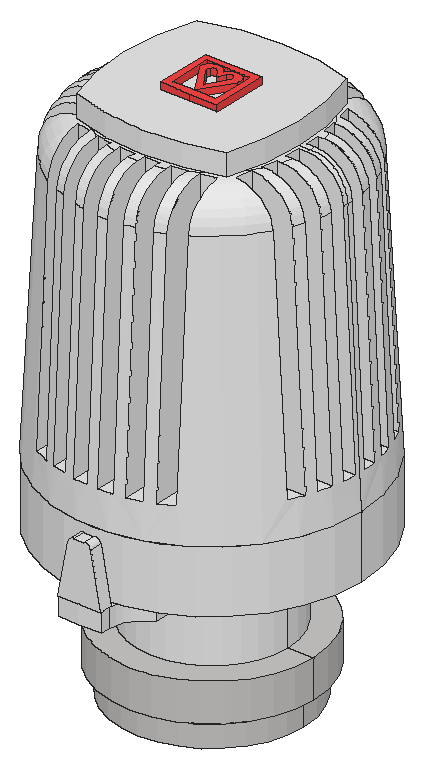
Revit family "Термостатическая головка HERZ, с присоединительной резьбой М 28х1.5, 7260", category Rohrzubehör, Revit 2018
Family settings
  Bemaßung runder Anschluss = Durchmesser verwenden
  Teiletyp = Normal
  OmniClass-Nummer = 23.65.55.14
  OmniClass-Titel = Valves for Liquid Services
  Arbeitsebenenbasiert = Nein
  Immer vertikal = Nein
  Beim Laden mit Abzugskörper schneiden = Nein
  Gemeinsam genutzt = Nein
Parameters
  Принцип действия = "HERZ-термостатическая головка является датчиком прямого регулирования.\r\nИзменение объема жидкости в HERZ-гидросенсоре приводит в движение шток клапана."
  Область применения = "Для монтажа на всех HERZ-клапанах, предназначенных для термостатической работы."
  Номер заказа = 1726006  # constant formula
  Маховик = "Пластик, белый"  # constant formula
  Исполнение = "Термостатическая головка с жидкостным датчиком (гидросенсором) с позициями теплового запираниия \"0\" и морозозащиты, с ограничением и блокировкой диапазона регулирования. Цвет маховика - белый."
  Диапазон регулирования = "6 - 28°C"  # constant formula
  Автоматическая защита от замерзания = "при прибл. 6 °C"  # constant formula
  W02 = 120.00°  # constant formula
  W01 = 135.00°  # constant formula
  URL = "www.herz-armaturen.ru"
  S02 = 60.000 mm  # constant formula
  S01 = H02 + H07  # 79.500 mm
  R08 = 15.000 mm  # constant formula
  R07 = 6.000 mm  # constant formula
  R06 = 24.000 mm  # constant formula
  R05 = 16.350 mm  # constant formula
  R04 = 14.750 mm  # constant formula
  R03 = 13.200 mm  # constant formula
  R02 = 12.200 mm  # constant formula
  R01 = 22.400 mm  # constant formula
  Hersteller = "HERZ Armaturen Ges.m.b.H."  # constant formula
  H09 = 3.500 mm  # constant formula
  H08 = 10.000 mm  # constant formula
  H07 = 59.000 mm  # constant formula
  H06 = 3.500 mm  # constant formula
  H05 = 10.500 mm  # constant formula
  H04 = 11.700 mm  # constant formula
  H03 = 4.500 mm  # constant formula
  H02 = 20.500 mm  # constant formula
  H01 = 45.800 mm  # constant formula
Reference planes
  plane 1 "Mitte (Vorne/hinten)": y = 0
  plane 2: z = 0
  plane 3 "Mitte (Links/rechts)": x = 0
Forms (mm)
  Revolve 1, solid, material "Messing verzinkt", detail levels fine
    sketch origin (0, 0, 0) x (1, 0, 0) y (0, 0, 1)
      loop
        line (0, 4.5) -> (13.2, 4.5) -> (13.2, -3.563) -> (14.75, -3.563) -> (14.75, -0.063) -> (16.35, 0.861) -> (16.35, 6.937) -> (0, 6.937) -> (0, 4.5)
      axis (0, 6.937) -> (0, -3.563)
    angle from 0 to 360
  Revolve 2, solid, material "Kunststoff weiß", detail levels fine
    sketch origin (0, 0, 0) x (1, 0, 0) y (0, 0, 1)
      loop
        line (0, 20.5) -> (24, 20.5) -> (24, 30.5) -> (21.791, 73.806)
        arc (21.791, 73.806) -> (19.931, 77.849) -> (15.798, 79.5) r 6
        line (15.798, 79.5) -> (0, 79.5) -> (0, 20.5)
      axis (0, 79.5) -> (0, 20.5)
    angle from 0 to 360
  Extrusion 3, void
    sketch origin (0, 0, 0) x (1, 0, 0) y (0, 1, 0)
      loop
        line (24.458, 0.8) -> (24.458, 3.2) -> (14.361, 3.2)
        arc (14.361, 3.2) -> (14.446, 2.001) -> (14.491, 0.8) r 37
        line (14.491, 0.8) -> (24.458, 0.8)
      loop
        line (24.458, 4.8) -> (24.458, 7.2) -> (13.793, 7.2)
        arc (13.793, 7.2) -> (14.01, 6.003) -> (14.187, 4.8) r 37
        line (14.187, 4.8) -> (24.458, 4.8)
      loop
        line (24.458, 8.8) -> (24.458, 11.2) -> (12.764, 11.2)
        arc (12.764, 11.2) -> (13.121, 10.006) -> (13.438, 8.8) r 37
        line (13.438, 8.8) -> (24.458, 8.8)
      loop
        line (24.458, -0.8) -> (14.491, -0.8)
        arc (14.491, -0.8) -> (14.446, -2.001) -> (14.361, -3.2) r 37
        line (14.361, -3.2) -> (24.458, -3.2) -> (24.458, -0.8)
      loop
        line (24.458, -4.8) -> (14.187, -4.8)
        arc (14.187, -4.8) -> (14.01, -6.003) -> (13.793, -7.2) r 37
        line (13.793, -7.2) -> (24.458, -7.2) -> (24.458, -4.8)
      loop
        line (24.458, -8.8) -> (13.438, -8.8)
        arc (13.438, -8.8) -> (13.121, -10.006) -> (12.764, -11.2) r 37
        line (12.764, -11.2) -> (24.458, -11.2) -> (24.458, -8.8)
      loop
        line (-24.458, 0.8) -> (-14.491, 0.8)
        arc (-14.491, 0.8) -> (-14.446, 2.001) -> (-14.361, 3.2) r 37
        line (-14.361, 3.2) -> (-24.458, 3.2) -> (-24.458, 0.8)
      loop
        line (-24.458, 4.8) -> (-14.187, 4.8)
        arc (-14.187, 4.8) -> (-14.01, 6.003) -> (-13.793, 7.2) r 37
        line (-13.793, 7.2) -> (-24.458, 7.2) -> (-24.458, 4.8)
      loop
        line (-24.458, 8.8) -> (-13.438, 8.8)
        arc (-13.438, 8.8) -> (-13.121, 10.006) -> (-12.764, 11.2) r 37
        line (-12.764, 11.2) -> (-24.458, 11.2) -> (-24.458, 8.8)
      loop
        line (-24.458, -0.8) -> (-24.458, -3.2) -> (-14.361, -3.2)
        arc (-14.361, -3.2) -> (-14.446, -2.001) -> (-14.491, -0.8) r 37
        line (-14.491, -0.8) -> (-24.458, -0.8)
      loop
        line (-24.458, -4.8) -> (-24.458, -7.2) -> (-13.793, -7.2)
        arc (-13.793, -7.2) -> (-14.01, -6.003) -> (-14.187, -4.8) r 37
        line (-14.187, -4.8) -> (-24.458, -4.8)
      loop
        line (-24.458, -8.8) -> (-24.458, -11.2) -> (-12.764, -11.2)
        arc (-12.764, -11.2) -> (-13.121, -10.006) -> (-13.438, -8.8) r 37
        line (-13.438, -8.8) -> (-24.458, -8.8)
      loop
        line (0.8, 24.458) -> (0.8, 14.491)
        arc (0.8, 14.491) -> (2.001, 14.446) -> (3.2, 14.361) r 37
        line (3.2, 14.361) -> (3.2, 24.458) -> (0.8, 24.458)
      loop
        line (4.8, 24.458) -> (4.8, 14.187)
        arc (4.8, 14.187) -> (6.003, 14.01) -> (7.2, 13.793) r 37
        line (7.2, 13.793) -> (7.2, 24.458) -> (4.8, 24.458)
      loop
        line (8.8, 24.458) -> (8.8, 13.438)
        arc (8.8, 13.438) -> (10.006, 13.121) -> (11.2, 12.764) r 37
        line (11.2, 12.764) -> (11.2, 24.458) -> (8.8, 24.458)
      loop
        line (-0.8, 24.458) -> (-3.2, 24.458) -> (-3.2, 14.361)
        arc (-3.2, 14.361) -> (-2.001, 14.446) -> (-0.8, 14.491) r 37
        line (-0.8, 14.491) -> (-0.8, 24.458)
      loop
        line (-4.8, 24.458) -> (-7.2, 24.458) -> (-7.2, 13.793)
        arc (-7.2, 13.793) -> (-6.003, 14.01) -> (-4.8, 14.187) r 37
        line (-4.8, 14.187) -> (-4.8, 24.458)
      loop
        line (-8.8, 24.458) -> (-11.2, 24.458) -> (-11.2, 12.764)
        arc (-11.2, 12.764) -> (-10.006, 13.121) -> (-8.8, 13.438) r 37
        line (-8.8, 13.438) -> (-8.8, 24.458)
      loop
        line (0.8, -24.458) -> (3.2, -24.458) -> (3.2, -14.361)
        arc (3.2, -14.361) -> (2.001, -14.446) -> (0.8, -14.491) r 37
        line (0.8, -14.491) -> (0.8, -24.458)
      loop
        line (4.8, -24.458) -> (7.2, -24.458) -> (7.2, -13.793)
        arc (7.2, -13.793) -> (6.003, -14.01) -> (4.8, -14.187) r 37
        line (4.8, -14.187) -> (4.8, -24.458)
      loop
        line (8.8, -24.458) -> (11.2, -24.458) -> (11.2, -12.764)
        arc (11.2, -12.764) -> (10.006, -13.121) -> (8.8, -13.438) r 37
        line (8.8, -13.438) -> (8.8, -24.458)
      loop
        line (-0.8, -24.458) -> (-0.8, -14.491)
        arc (-0.8, -14.491) -> (-2.001, -14.446) -> (-3.2, -14.361) r 37
        line (-3.2, -14.361) -> (-3.2, -24.458) -> (-0.8, -24.458)
      loop
        line (-4.8, -24.458) -> (-4.8, -14.187)
        arc (-4.8, -14.187) -> (-6.003, -14.01) -> (-7.2, -13.793) r 37
        line (-7.2, -13.793) -> (-7.2, -24.458) -> (-4.8, -24.458)
      loop
        line (-8.8, -24.458) -> (-8.8, -13.438)
        arc (-8.8, -13.438) -> (-10.006, -13.121) -> (-11.2, -12.764) r 37
        line (-11.2, -12.764) -> (-11.2, -24.458) -> (-8.8, -24.458)
    from 36 to 81.5
  Extrusion 4, solid, material "Kunststoff weiß", detail levels fine
    sketch origin (0, 0, 0) x (1, 0, 0) y (0, 1, 0)
      loop
        arc (12, 12) -> (0, 14) -> (-12, 12) r 37
        arc (-12, 12) -> (-14, 0) -> (-12, -12) r 37
        arc (-12, -12) -> (0, -14) -> (12, -12) r 37
        arc (12, -12) -> (14, 0) -> (12, 12) r 37
    from 79.5 to 83
  Extrusion 5, solid, material "Kunststoff weiß", detail levels fine
    sketch origin (0.017, -0.017, 0) x (0, -1, 0) y (1, 0, 0)
      loop
        line (14.714, 6.983) -> (14.714, -7.017) -> (19.645, -7.017)
        arc (19.645, -7.017) -> (21.761, -4.508) -> (24.882, -3.488) r 6
        line (24.882, -3.488) -> (26.272, -3.488)
        arc (26.272, -3.488) -> (26.5, 0) -> (26.267, 3.488) r 26.5
        line (26.267, 3.488) -> (24.882, 3.488)
        arc (24.882, 3.488) -> (21.777, 4.497) -> (19.66, 6.983) r 6
        line (19.66, 6.983) -> (14.714, 6.983)
    from 17.5 to 20.5
  Extrusion 6, solid, material "Kunststoff weiß", detail levels fine
    sketch origin (0.017, -0.017, 3.5) x (1, 0, 0) y (0, 0, 1)
      loop
        arc (-0.8, 26.1) -> (-1.432, 25.875) -> (-1.779, 25.302) r 1
        line (-1.779, 25.302) -> (-3.488, 17) -> (3.488, 17) -> (1.779, 25.302)
        arc (1.779, 25.302) -> (1.432, 25.875) -> (0.8, 26.1) r 1
        line (0.8, 26.1) -> (-0.8, 26.1)
    from 26.5 to 24.5
  Revolve 7, solid, material "Kunststoff weiß", detail levels fine
    sketch origin (90.543, 0, 0) x (1, 0, 0) y (0, 0, 1)
      loop
        line (-90.543, 0) -> (-77.343, 0) -> (-77.343, 4.5) -> (-78.343, 4.5) -> (-78.343, 20.5) -> (-68.143, 20.5) -> (-68.143, 34.1) -> (-75.543, 34.1) -> (-75.543, 45.8) -> (-90.543, 45.8) -> (-90.543, 0)
      axis (-90.543, 45.8) -> (-90.543, 0)
    angle from 0 to 360
Cuts and joins
  Extrusion 3 cuts Revolve 2
Lines and regions (mm)
  model lines, detail levels coarse+medium
    curve 1: line (0, 0, 0) -> (0, 0, 19.5)
    curve 2: line (0, -0.017, 0) -> (0, 19.5, 0)
    curve 3: circle (0, 0, 49.5) r 30 normal (0, -1, 0)
    curve 4: circle (0, 0, 49.5) r 30 normal (1, 0, 0)
    curve 5: line (0, 0, 29.5) -> (0, 0, 69.5)
    curve 6: line (0, -17.5, 69.5) -> (0, 17.5, 69.5)
    curve 7: line (0, 0, 29.5) -> (0, 0, 69.5)
    curve 8: line (-17.5, 0, 69.5) -> (17.5, 0, 69.5)
    curve 9: circle (0, 49.5, 0) r 30 normal (0, 0, 1)
    curve 10: line (0, 29.5, 0) -> (0, 69.5, 0)
    curve 11: line (-17.5, 69.5, 0) -> (17.5, 69.5, 0)
Dimensions and locks
  "H05": Revolve 1 sketch curve to Revolve 1 sketch curve
  "H06": Revolve 1 sketch curve to Revolve 1 sketch curve
  "H03": Revolve 1 sketch curve to plane 2
  "R04": Revolve 1 sketch curve to plane 3 "Mitte (Links/rechts)"
  "R03": plane 3 "Mitte (Links/rechts)" to Revolve 1 sketch curve
  "R05": Revolve 1 sketch curve to plane 3 "Mitte (Links/rechts)"
  "H08": Revolve 2 sketch curve to Revolve 2 sketch curve
  "R06": Revolve 2 sketch curve to Revolve 2 sketch curve
  "H02": Revolve 2 sketch curve to plane 2
  "H02": Revolve 7 sketch curve to plane 2
  "H03": Revolve 7 sketch curve to Revolve 7 sketch curve
  "H01": Revolve 7 sketch curve to plane 2
  "H04": Revolve 7 sketch curve to Revolve 7 sketch curve
  "R03": Revolve 7 sketch curve to plane 3 "Mitte (Links/rechts)"
  "R02": plane 3 "Mitte (Links/rechts)" to Revolve 7 sketch curve
  "R01": plane 3 "Mitte (Links/rechts)" to Revolve 7 sketch curve
  "R08": plane 3 "Mitte (Links/rechts)" to Revolve 7 sketch curve
  "H07": Revolve 2 sketch curve to Revolve 2 sketch curve
  "S01": curve 4 to plane 2
  "S01": curve 3 to plane 2
  "S01": plane 1 "Mitte (Vorne/hinten)" to curve 9
  "R07": radius of Revolve 2 sketch curve
  "S02": diameter of curve 3
  "S02": diameter of curve 4
  "S02": diameter of curve 9
  "W02": angle Revolve 1 sketch curve to Revolve 1 sketch curve
  aligned and locked: level to plane 2
Automatic sketch dimensions
  plane 1 "Mitte (Vorne/hinten)" to Extrusion 4 sketch curve = 0.000 mm  (x2)
  Extrusion 4 sketch curve to plane 3 "Mitte (Links/rechts)" = 0.000 mm  (x2)
  Extrusion 4 sketch curve to plane 3 "Mitte (Links/rechts)" = 23.000 mm
  plane 3 "Mitte (Links/rechts)" to Extrusion 4 sketch curve = 23.000 mm
  plane 1 "Mitte (Vorne/hinten)" to Extrusion 4 sketch curve = 23.000 mm
  Extrusion 4 sketch curve to plane 1 "Mitte (Vorne/hinten)" = 23.000 mm
  Extrusion 4 sketch curve to plane 3 "Mitte (Links/rechts)" = 12.000 mm  (x2)
  plane 3 "Mitte (Links/rechts)" to Extrusion 4 sketch curve = 12.000 mm
  plane 1 "Mitte (Vorne/hinten)" to Extrusion 4 sketch curve = 12.000 mm
  Extrusion 3 sketch curve to Extrusion 3 sketch curve = 0.000 mm  (x58)
  plane 1 "Mitte (Vorne/hinten)" to Extrusion 3 sketch curve = 0.000 mm  (x2)
  Extrusion 3 sketch curve to plane 3 "Mitte (Links/rechts)" = 0.000 mm  (x2)
  Extrusion 3 sketch curve to plane 3 "Mitte (Links/rechts)" = 0.800 mm  (x2)
  Extrusion 3 sketch curve to Extrusion 3 sketch curve = 2.400 mm  (x12)
  Extrusion 3 sketch curve to Extrusion 3 sketch curve = 1.600 mm  (x16)
  Extrusion 3 sketch curve to Extrusion 3 sketch curve = 1.564 mm  (x8)
  Extrusion 3 sketch curve to Extrusion 3 sketch curve = 0.674 mm  (x5)
  Extrusion 3 sketch curve to Extrusion 3 sketch curve = 0.354 mm  (x8)
  Extrusion 3 sketch curve to Extrusion 3 sketch curve = 0.395 mm  (x4)
  Extrusion 3 sketch curve to Extrusion 3 sketch curve = 0.174 mm  (x8)
  plane 1 "Mitte (Vorne/hinten)" to Extrusion 3 sketch curve = 0.800 mm  (x2)
  Extrusion 3 sketch curve to Extrusion 3 sketch curve = 0.130 mm  (x2)
  Extrusion 3 sketch curve to plane 1 "Mitte (Vorne/hinten)" = 0.800 mm  (x2)
  Extrusion 3 sketch curve to Extrusion 3 sketch curve = 8.009 mm  (x3)
  Extrusion 3 sketch curve to Extrusion 3 sketch curve = 1.958 mm  (x7)
  plane 3 "Mitte (Links/rechts)" to Extrusion 3 sketch curve = 0.800 mm  (x2)
  Extrusion 3 sketch curve to Extrusion 3 sketch curve = 11.019 mm
  Extrusion 5 sketch curve to plane 3 "Mitte (Links/rechts)" = 0.000 mm
  plane 1 "Mitte (Vorne/hinten)" to Extrusion 5 sketch curve = 0.017 mm
  Extrusion 5 sketch curve to plane 3 "Mitte (Links/rechts)" = 7.000 mm
  plane 1 "Mitte (Vorne/hinten)" to Extrusion 5 sketch curve = 14.731 mm
  Extrusion 5 sketch curve to Extrusion 5 sketch curve = 4.930 mm
  Extrusion 5 sketch curve to Extrusion 5 sketch curve = 4.946 mm
  Extrusion 5 sketch curve to plane 3 "Mitte (Links/rechts)" = 3.471 mm
  Extrusion 5 sketch curve to Extrusion 5 sketch curve = 5.237 mm
  Extrusion 5 sketch curve to Extrusion 5 sketch curve = 5.222 mm
  Extrusion 5 sketch curve to Extrusion 5 sketch curve = 5.470 mm
  Extrusion 5 sketch curve to Extrusion 5 sketch curve = 0.233 mm
  Extrusion 5 sketch curve to Extrusion 5 sketch curve = 1.390 mm
  plane 3 "Mitte (Links/rechts)" to Extrusion 5 sketch curve = 3.505 mm
  Extrusion 5 sketch curve to Extrusion 5 sketch curve = 3.495 mm
  Extrusion 5 sketch curve to Extrusion 5 sketch curve = 0.000 mm
  Extrusion 6 sketch curve to plane 3 "Mitte (Links/rechts)" = 3.471 mm
  Extrusion 6 sketch curve to plane 3 "Mitte (Links/rechts)" = 1.763 mm
  Extrusion 6 sketch curve to plane 3 "Mitte (Links/rechts)" = 0.783 mm
  plane 3 "Mitte (Links/rechts)" to Extrusion 6 sketch curve = 0.817 mm
  Extrusion 6 sketch curve to Extrusion 6 sketch curve = 0.979 mm
  plane 3 "Mitte (Links/rechts)" to Extrusion 6 sketch curve = 3.505 mm
  level to Extrusion 6 sketch curve = 20.500 mm
  Extrusion 6 sketch curve to Extrusion 6 sketch curve = 8.100 mm
  Extrusion 6 sketch curve to Extrusion 6 sketch curve = 0.000 mm
  Extrusion 6 sketch curve to Extrusion 6 sketch curve = 0.202 mm
  curve 5 to plane 1 "Mitte (Vorne/hinten)" = 0.000 mm
  curve 4 to plane 1 "Mitte (Vorne/hinten)" = 0.000 mm
  plane 1 "Mitte (Vorne/hinten)" to curve 6 = 17.500 mm
  curve 5 to curve 6 = 17.500 mm
  curve 5 to curve 4 = 20.000 mm
  curve 4 to curve 6 = 20.000 mm
  curve 3 to plane 3 "Mitte (Links/rechts)" = 0.000 mm
  curve 7 to plane 3 "Mitte (Links/rechts)" = 0.000 mm
  curve 1 to plane 3 "Mitte (Links/rechts)" = 0.000 mm
  curve 1 to level = 0.000 mm
  curve 8 to curve 7 = 17.500 mm
  plane 3 "Mitte (Links/rechts)" to curve 8 = 17.500 mm
  curve 1 to curve 7 = 10.000 mm
  curve 3 to curve 8 = 20.000 mm
  curve 9 to plane 3 "Mitte (Links/rechts)" = 0.000 mm
  curve 10 to plane 3 "Mitte (Links/rechts)" = 0.000 mm
  curve 2 to plane 3 "Mitte (Links/rechts)" = 0.000 mm
  curve 11 to curve 10 = 17.500 mm
  plane 3 "Mitte (Links/rechts)" to curve 11 = 17.500 mm
  plane 1 "Mitte (Vorne/hinten)" to curve 2 = 0.017 mm
  curve 2 to curve 10 = 10.000 mm
  curve 9 to curve 11 = 20.000 mm
  Revolve 1 sketch curve to plane 3 "Mitte (Links/rechts)" = 0.000 mm  (x2)
  level to Revolve 1 sketch curve = 0.861 mm
  Revolve 1 sketch curve to Revolve 1 sketch curve = 362.982 mm
  Revolve 1 sketch curve to Revolve 1 sketch curve = 2206.878 mm
  Revolve 2 sketch curve to plane 3 "Mitte (Links/rechts)" = 0.000 mm  (x2)
  plane 3 "Mitte (Links/rechts)" to Revolve 2 sketch curve = 15.798 mm
  Revolve 2 sketch curve to Revolve 2 sketch curve = 5.992 mm
  Revolve 2 sketch curve to level = 366.045 mm
  Revolve 2 sketch curve to Revolve 2 sketch curve = 2138.315 mm
  Revolve 7 sketch curve to level = 0.000 mm  (x2)
  Revolve 7 sketch curve to plane 3 "Mitte (Links/rechts)" = 0.000 mm  (x2)
  Revolve 7 sketch curve to Revolve 7 sketch curve = 0.000 mm
Nested families
  nested 1: "Herz-Logo" at (0, 0, 82.5), type "Herz-Logo", detail levels fine
Definition of nested family "Herz-Logo"
  Reference planes
    plane 1 "Mitte (Vorne/hinten)": y = 0
    plane 2: z = 0
    plane 3 "Mitte (Links/rechts)": x = 0
  Forms (mm)
    Extrusion 1, solid
      sketch origin (0, 0, 0) x (1, 0, 0) y (0, 1, 0)
        loop
          line (-0.018, -4.517) -> (4.482, -4.517) -> (4.482, 4.483) -> (-4.518, 4.483) -> (-4.518, -4.517) -> (-0.018, -4.517)
        loop
          line (-0.05, -3.48) -> (3.482, -3.48) -> (3.482, 3.483) -> (-3.518, 3.483) -> (-3.518, -3.48) -> (-0.05, -3.48)
        loop
          arc (-0.018, 2.383) -> (-1.543, 3.287) -> (-3.067, 2.383) r 1.738
          arc (-3.067, 2.383) -> (-3.191, 1.899) -> (-3.067, 1.415) r 1.009
          line (-3.067, 1.415) -> (-0.018, -3.281) -> (3.032, 1.415)
          arc (3.032, 1.415) -> (3.156, 1.899) -> (3.032, 2.383) r 1.009
          arc (3.032, 2.383) -> (1.507, 3.287) -> (-0.018, 2.383) r 1.738
        loop
          arc (1.885, 1.272) -> (2.005, 1.675) -> (1.885, 2.079) r 0.74
          arc (1.885, 2.079) -> (1.265, 2.416) -> (0.644, 2.079) r 0.74
          line (0.644, 2.079) -> (-0.018, 0.97) -> (-0.679, 2.079)
          arc (-0.679, 2.079) -> (-1.3, 2.416) -> (-1.921, 2.079) r 0.74
          arc (-1.921, 2.079) -> (-2.04, 1.675) -> (-1.921, 1.272) r 0.74
          line (-1.921, 1.272) -> (-0.018, -1.658) -> (1.885, 1.272)
      from 0 to 1.5
  Dimensions and locks
    aligned and locked: level to plane 2
